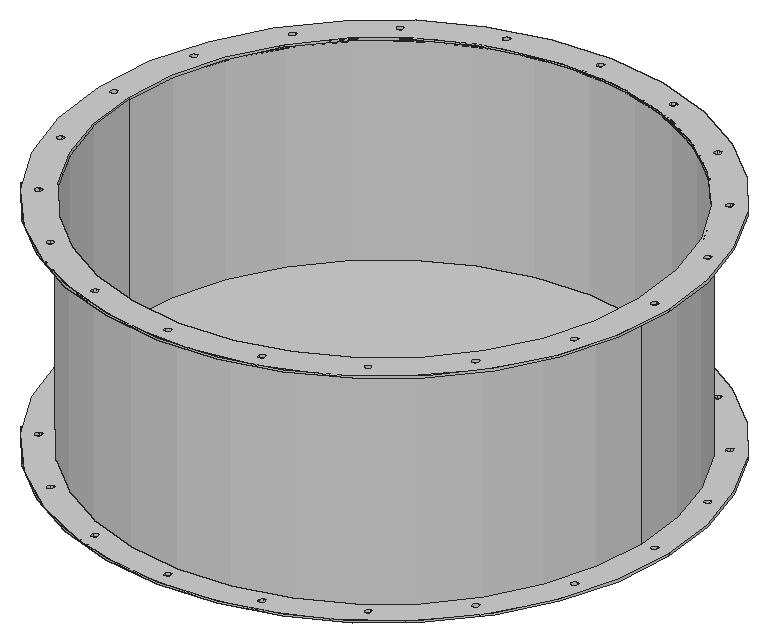
Revit family "КОМ-ВО", category Арматура воздуховодов, Revit 2021
Family settings
  Размер круглого соединителя = Использовать диаметр
  Тип детали = Присоединяется
  На основе рабочей плоскости = Нет
  Всегда вертикально = Да
  При загрузке вырезать с полостями = Нет
  Общий = Нет
Parameters (values of type "КОМ-ВО-1250")
  Отметка по умолчанию = 0 mm
  Вес = "67.4 кг"
  t = L - 5 mm  # 535 mm
  n = 20
  l = L / 2  # 270 mm
  d = 15 mm
  R1 = D1 / 2  # 660 mm
  Maintenance zone material = none
  Load Classification = "HVAC"
  L = 540 mm
  Grid Material = Cover Grid Cross
  Dy = 1250 mm
  Dn = Dy + 10 mm  # 1260 mm
  D2 = 1390 mm
  D1 = 1320 mm
  Casing Material = Условный материал-отделка
  09_System_Name [instance] = ""
  00_20_Type = "КОМ-ВО-1250"
  00_20_Name = "Зворотній клапан"
  00_20_Manufacturer = "Вентс"  # constant formula
Types (12, lengths in mm): name | Вес | t | n | l | d | R1 | L | Dy | Dn | D2 | D1 | 00_20_Type
  (no name) | "67.4 кг" | 535 | 20 | 270 | 15 | 660 | 540 | 1250 | 1260 | 1390 | 1320 | "КОМ-ВО-1250"
  КОМ-ВО-400 | "5.4 кг" | 245 | 12 | 125 | 8 | 225 | 250 | 400 | 410 | 490 | 450 | "КОМ-ВО-400"
  КОМ-ВО-450 | "6.2 кг" | 245 | 12 | 125 | 8 | 250 | 250 | 450 | 460 | 540 | 500 | "КОМ-ВО-450"
  КОМ-ВО-500 | "7.1 кг" | 245 | 12 | 125 | 12 | 280 | 250 | 500 | 510 | 590 | 560 | "КОМ-ВО-500"
  КОМ-ВО-560 | "9.6 кг" | 315 | 12 | 160 | 12 | 310 | 320 | 560 | 570 | 650 | 620 | "КОМ-ВО-560"
  КОМ-ВО-630 | "14.2 кг" | 365 | 12 | 185 | 12 | 345 | 370 | 630 | 640 | 720 | 690 | "КОМ-ВО-630"
  КОМ-ВО-710 | "21.4 кг" | 385 | 16 | 195 | 12 | 385 | 390 | 710 | 720 | 810 | 770 | "КОМ-ВО-710"
  КОМ-ВО-800 | "25.4 кг" | 385 | 16 | 195 | 12 | 430 | 390 | 800 | 810 | 900 | 860 | "КОМ-ВО-800"
  КОМ-ВО-900 | "32.6 кг" | 445 | 16 | 225 | 15 | 485 | 450 | 900 | 910 | 1010 | 970 | "КОМ-ВО-900"
  КОМ-ВО-1000 | "36.9 кг" | 445 | 16 | 225 | 15 | 535 | 450 | 1000 | 1010 | 1110 | 1070 | "КОМ-ВО-1000"
  КОМ-ВО-1120 | "59.5 кг" | 535 | 20 | 270 | 15 | 595 | 540 | 1120 | 1130 | 1260 | 1190 | "КОМ-ВО-1120"
  КОМ-ВО-1250 | "67.4 кг" | 535 | 20 | 270 | 15 | 660 | 540 | 1250 | 1260 | 1390 | 1320 | "КОМ-ВО-1250"
Reference planes
  plane 1 "По центру (Вперед/Назад)": y = 0
  plane 2: z = 0
  plane 3 "По центру (Влево/Вправо)": x = 0
  plane 4: z = 540
  plane 5: z = 50
Forms (mm)
  Extrusion 1, solid, material "Условный материал-отделка" <- "Casing Material"
    sketch origin (0, 0, 0) x (1, 0, 0) y (0, 1, 0)
      loop
        circle (0, 0) r 625
      loop
        circle (0, 0) r 695
    from 0 to 5
  Extrusion 2, void
    sketch origin (0, 438.787, 0) x (1, 0, 0) y (0, 1, 0)
      loop
        circle (0, 221.213) r 7.5
    from 0 to 5
  Extrusion 3, void
    sketch origin (135.593, 417.312, 0) x (0.951057, -0.309017, 0) y (0.309017, 0.951057, 0)
      loop
        circle (0, 221.213) r 7.5
    from 0 to 5
  Extrusion 4, void
    sketch origin (-135.593, 417.312, 0) x (0.951057, 0.309017, 0) y (-0.309017, 0.951057, 0)
      loop
        circle (0, 221.213) r 7.5
    from 0 to 5
  Extrusion 5, void
    sketch origin (-257.913, 354.986, 0) x (0.809017, 0.587785, 0) y (-0.587785, 0.809017, 0)
      loop
        circle (0, 221.213) r 7.5
    from 0 to 5
  Extrusion 6, void
    sketch origin (-354.986, 257.913, 0) x (0.587785, 0.809017, 0) y (-0.809017, 0.587785, 0)
      loop
        circle (0, 221.213) r 7.5
    from 0 to 5
  Extrusion 7, void
    sketch origin (-417.312, 135.593, 0) x (0.309017, 0.951057, 0) y (-0.951057, 0.309017, 0)
      loop
        circle (0, 221.213) r 7.5
    from 0 to 5
  Extrusion 8, void
    sketch origin (-438.787, 0, 0) x (0, 1, 0) y (-1, 0, 0)
      loop
        circle (0, 221.213) r 7.5
    from 0 to 5
  Extrusion 9, void
    sketch origin (-417.312, -135.593, 0) x (-0.309017, 0.951057, 0) y (-0.951057, -0.309017, 0)
      loop
        circle (0, 221.213) r 7.5
    from 0 to 5
  Extrusion 10, void
    sketch origin (-354.986, -257.913, 0) x (-0.587785, 0.809017, 0) y (-0.809017, -0.587785, 0)
      loop
        circle (0, 221.213) r 7.5
    from 0 to 5
  Extrusion 11, void
    sketch origin (-257.913, -354.986, 0) x (-0.809017, 0.587785, 0) y (-0.587785, -0.809017, 0)
      loop
        circle (0, 221.213) r 7.5
    from 0 to 5
  Extrusion 12, void
    sketch origin (-135.593, -417.312, 0) x (-0.951057, 0.309017, 0) y (-0.309017, -0.951057, 0)
      loop
        circle (0, 221.213) r 7.5
    from 0 to 5
  Extrusion 13, void
    sketch origin (0, -438.787, 0) x (-1, 0, 0) y (0, -1, 0)
      loop
        circle (0, 221.213) r 7.5
    from 0 to 5
  Extrusion 14, solid, material "Условный материал-отделка" <- "Casing Material"
    sketch origin (0, 0, 0) x (1, 0, 0) y (0, 1, 0)
      loop
        circle (0, 0) r 625
      loop
        circle (0, 0) r 630
    from 5 to 535 <- "t"
  Extrusion 15, solid, material "Условный материал-отделка" <- "Casing Material"
    sketch origin (0, 0, 0) x (1, 0, 0) y (0, 1, 0)
      loop
        circle (0, 0) r 625
      loop
        circle (0, 0) r 695
    from 535 to 540
  Extrusion 16, void
    sketch origin (0, 438.053, 0) x (1, 0, 0) y (0, 1, 0)
      loop
        circle (0, 221.947) r 7.5
    from 535 <- "t" to 540 <- "L"
  Extrusion 17, void
    sketch origin (135.366, 416.614, 0) x (0.951057, -0.309017, 0) y (0.309017, 0.951057, 0)
      loop
        circle (0, 221.947) r 7.5
    from 535 <- "t" to 540 <- "L"
  Extrusion 18, void
    sketch origin (-135.366, 416.614, 0) x (0.951057, 0.309017, 0) y (-0.309017, 0.951057, 0)
      loop
        circle (0, 221.947) r 7.5
    from 535 <- "t" to 540 <- "L"
  Extrusion 19, void
    sketch origin (-257.481, 354.393, 0) x (0.809017, 0.587785, 0) y (-0.587785, 0.809017, 0)
      loop
        circle (0, 221.947) r 7.5
    from 535 <- "t" to 540 <- "L"
  Extrusion 20, void
    sketch origin (-354.393, 257.481, 0) x (0.587785, 0.809017, 0) y (-0.809017, 0.587785, 0)
      loop
        circle (0, 221.947) r 7.5
    from 535 <- "t" to 540 <- "L"
  Extrusion 21, void
    sketch origin (-416.614, 135.366, 0) x (0.309017, 0.951057, 0) y (-0.951057, 0.309017, 0)
      loop
        circle (0, 221.947) r 7.5
    from 535 <- "t" to 540 <- "L"
  Extrusion 22, void
    sketch origin (-438.053, 0, 0) x (0, 1, 0) y (-1, 0, 0)
      loop
        circle (0, 221.947) r 7.5
    from 535 <- "t" to 540 <- "L"
  Extrusion 23, void
    sketch origin (-416.614, -135.366, 0) x (-0.309017, 0.951057, 0) y (-0.951057, -0.309017, 0)
      loop
        circle (0, 221.947) r 7.5
    from 535 <- "t" to 540 <- "L"
  Extrusion 24, void
    sketch origin (-354.393, -257.481, 0) x (-0.587785, 0.809017, 0) y (-0.809017, -0.587785, 0)
      loop
        circle (0, 221.947) r 7.5
    from 535 <- "t" to 540 <- "L"
  Extrusion 25, void
    sketch origin (-257.481, -354.393, 0) x (-0.809017, 0.587785, 0) y (-0.587785, -0.809017, 0)
      loop
        circle (0, 221.947) r 7.5
    from 535 <- "t" to 540 <- "L"
  Extrusion 26, void
    sketch origin (-135.366, -416.614, 0) x (-0.951057, 0.309017, 0) y (-0.309017, -0.951057, 0)
      loop
        circle (0, 221.947) r 7.5
    from 535 <- "t" to 540 <- "L"
  Extrusion 27, void
    sketch origin (0, -438.053, 0) x (-1, 0, 0) y (0, -1, 0)
      loop
        circle (0, 221.947) r 7.5
    from 535 <- "t" to 540 <- "L"
  Extrusion 28, void
    sketch origin (135.593, -417.312, 0) x (-0.951057, -0.309017, 0) y (0.309017, -0.951057, 0)
      loop
        circle (0, 221.213) r 7.5
    from 0 to 5
  Extrusion 29, void
    sketch origin (257.913, -354.986, 0) x (-0.809017, -0.587785, 0) y (0.587785, -0.809017, 0)
      loop
        circle (0, 221.213) r 7.5
    from 0 to 5
  Extrusion 30, void
    sketch origin (354.986, -257.913, 0) x (-0.587785, -0.809017, 0) y (0.809017, -0.587785, 0)
      loop
        circle (0, 221.213) r 7.5
    from 0 to 5
  Extrusion 31, void
    sketch origin (417.312, -135.593, 0) x (-0.309017, -0.951057, 0) y (0.951057, -0.309017, 0)
      loop
        circle (0, 221.213) r 7.5
    from 0 to 5
  Extrusion 32, void
    sketch origin (135.366, -416.614, 0) x (-0.951057, -0.309017, 0) y (0.309017, -0.951057, 0)
      loop
        circle (0, 221.947) r 7.5
    from 535 <- "t" to 540 <- "L"
  Extrusion 33, void
    sketch origin (257.481, -354.393, 0) x (-0.809017, -0.587785, 0) y (0.587785, -0.809017, 0)
      loop
        circle (0, 221.947) r 7.5
    from 535 <- "t" to 540 <- "L"
  Extrusion 34, void
    sketch origin (354.393, -257.481, 0) x (-0.587785, -0.809017, 0) y (0.809017, -0.587785, 0)
      loop
        circle (0, 221.947) r 7.5
    from 535 <- "t" to 540 <- "L"
  Extrusion 35, void
    sketch origin (416.614, -135.366, 0) x (-0.309017, -0.951057, 0) y (0.951057, -0.309017, 0)
      loop
        circle (0, 221.947) r 7.5
    from 535 <- "t" to 540 <- "L"
  Extrusion 36, solid, material "Условный материал-отделка" <- "Casing Material"
    sketch origin (0, 0, 0) x (1, 0, 0) y (0, 1, 0)
      loop
        circle (0, 0) r 625
    from 50 to 55
  Extrusion 37, void
    sketch origin (438.787, 0, 0) x (0, -1, 0) y (1, 0, 0)
      loop
        circle (0, 221.213) r 7.5
    from 0 to 5
  Extrusion 38, void
    sketch origin (417.312, 135.593, 0) x (0.309017, -0.951057, 0) y (0.951057, 0.309017, 0)
      loop
        circle (0, 221.213) r 7.5
    from 0 to 5
  Extrusion 39, void
    sketch origin (354.986, 257.913, 0) x (0.587785, -0.809017, 0) y (0.809017, 0.587785, 0)
      loop
        circle (0, 221.213) r 7.5
    from 0 to 5
  Extrusion 40, void
    sketch origin (257.913, 354.986, 0) x (0.809017, -0.587785, 0) y (0.587785, 0.809017, 0)
      loop
        circle (0, 221.213) r 7.5
    from 0 to 5
  Extrusion 41, void
    sketch origin (438.053, 0, 0) x (0, -1, 0) y (1, 0, 0)
      loop
        circle (0, 221.947) r 7.5
    from 535 <- "t" to 540 <- "L"
  Extrusion 42, void
    sketch origin (416.614, 135.366, 0) x (0.309017, -0.951057, 0) y (0.951057, 0.309017, 0)
      loop
        circle (0, 221.947) r 7.5
    from 535 <- "t" to 540 <- "L"
  Extrusion 43, void
    sketch origin (354.393, 257.481, 0) x (0.587785, -0.809017, 0) y (0.809017, 0.587785, 0)
      loop
        circle (0, 221.947) r 7.5
    from 535 <- "t" to 540 <- "L"
  Extrusion 44, void
    sketch origin (257.481, 354.393, 0) x (0.809017, -0.587785, 0) y (0.587785, 0.809017, 0)
      loop
        circle (0, 221.947) r 7.5
    from 535 <- "t" to 540 <- "L"
Cuts and joins
  Extrusion 2, Extrusion 3, Extrusion 4, Extrusion 5, Extrusion 6, Extrusion 7, Extrusion 8, Extrusion 9, Extrusion 10, Extrusion 11, Extrusion 12, Extrusion 13, Extrusion 28, Extrusion 29, Extrusion 30, Extrusion 31, Extrusion 37, Extrusion 38, Extrusion 39, Extrusion 40 cuts Extrusion 1
  Extrusion 16, Extrusion 17, Extrusion 18, Extrusion 19, Extrusion 20, Extrusion 21, Extrusion 22, Extrusion 23, Extrusion 24, Extrusion 25, Extrusion 26, Extrusion 27, Extrusion 32, Extrusion 33, Extrusion 34, Extrusion 35, Extrusion 41, Extrusion 42, Extrusion 43, Extrusion 44 cuts Extrusion 15
Dimensions and locks
  "L": level to plane 4
  locked: Extrusion 1 to Extrusion 1 at 5
  locked: Extrusion 15 to Extrusion 15 at 5
  locked: plane 5 to level at 50
  locked: Extrusion 36 to plane 5 at 5
  "Dy": diameter of Extrusion 1 sketch curve
  "D2": diameter of Extrusion 1 sketch curve
  "d": diameter of Extrusion 2 sketch curve
  "d": diameter of Extrusion 3 sketch curve
  "d": diameter of Extrusion 4 sketch curve
  "d": diameter of Extrusion 5 sketch curve
  "d": diameter of Extrusion 6 sketch curve
  "d": diameter of Extrusion 7 sketch curve
  "d": diameter of Extrusion 8 sketch curve
  "d": diameter of Extrusion 9 sketch curve
  "d": diameter of Extrusion 10 sketch curve
  "d": diameter of Extrusion 11 sketch curve
  "d": diameter of Extrusion 12 sketch curve
  "d": diameter of Extrusion 13 sketch curve
  "R1": radius of radial array  (x2)
  "Dn": diameter of Extrusion 14 sketch curve
  "Dy": diameter of Extrusion 14 sketch curve
  "Dy": diameter of Extrusion 15 sketch curve
  "D2": diameter of Extrusion 15 sketch curve
  "d": diameter of Extrusion 16 sketch curve
  "d": diameter of Extrusion 17 sketch curve
  "d": diameter of Extrusion 18 sketch curve
  "d": diameter of Extrusion 19 sketch curve
  "d": diameter of Extrusion 20 sketch curve
  "d": diameter of Extrusion 21 sketch curve
  "d": diameter of Extrusion 22 sketch curve
  "d": diameter of Extrusion 23 sketch curve
  "d": diameter of Extrusion 24 sketch curve
  "d": diameter of Extrusion 25 sketch curve
  "d": diameter of Extrusion 26 sketch curve
  "d": diameter of Extrusion 27 sketch curve
  "d": diameter of Extrusion 28 sketch curve
  "d": diameter of Extrusion 29 sketch curve
  "d": diameter of Extrusion 30 sketch curve
  "d": diameter of Extrusion 31 sketch curve
  "d": diameter of Extrusion 32 sketch curve
  "d": diameter of Extrusion 33 sketch curve
  "d": diameter of Extrusion 34 sketch curve
  "d": diameter of Extrusion 35 sketch curve
  "Dy": diameter of Extrusion 36 sketch curve
  "d": diameter of Extrusion 37 sketch curve
  "d": diameter of Extrusion 38 sketch curve
  "d": diameter of Extrusion 39 sketch curve
  "d": diameter of Extrusion 40 sketch curve
  "d": diameter of Extrusion 41 sketch curve
  "d": diameter of Extrusion 42 sketch curve
  "d": diameter of Extrusion 43 sketch curve
  "d": diameter of Extrusion 44 sketch curve
  aligned and locked: level to plane 2
  aligned and locked: Extrusion 14 to cut or joined group 1 (Extrusion 1, Extrusion 2, Extrusion 3, Extrusion 4, Extrusion 5, Extrusion 6, Extrusion 7, Extrusion 8, Extrusion 9, Extrusion 10, Extrusion 11, Extrusion 12, Extrusion 13, Extrusion 28, Extrusion 29, Extrusion 30, Extrusion 31, Extrusion 37, Extrusion 38, Extrusion 39, Extrusion 40)
  aligned and locked: Extrusion 15 to plane 4
Automatic sketch dimensions
  Extrusion 1 sketch curve to Extrusion 1 sketch curve = 0 mm  (x2)
  plane 1 "По центру (Вперед/Назад)" to Extrusion 1 sketch curve = 0 mm
  Extrusion 1 sketch curve to plane 3 "По центру (Влево/Вправо)" = 0 mm
  Extrusion 14 sketch curve to Extrusion 14 sketch curve = 0 mm  (x2)
  plane 1 "По центру (Вперед/Назад)" to Extrusion 14 sketch curve = 0 mm
  Extrusion 14 sketch curve to plane 3 "По центру (Влево/Вправо)" = 0 mm
  Extrusion 15 sketch curve to Extrusion 15 sketch curve = 0 mm  (x2)
  plane 1 "По центру (Вперед/Назад)" to Extrusion 15 sketch curve = 0 mm
  Extrusion 15 sketch curve to plane 3 "По центру (Влево/Вправо)" = 0 mm
  plane 1 "По центру (Вперед/Назад)" to Extrusion 36 sketch curve = 0 mm
  Extrusion 36 sketch curve to plane 3 "По центру (Влево/Вправо)" = 0 mm
Connectors
  hvac at (0, 0, 540), driven by "Dy"
    settings: on cut or joined group of Extrusion 15, Extrusion 16, Extrusion 17, Extrusion 18, Extrusion 19, Extrusion 20, Extrusion 21, Extrusion 22, Extrusion 23, Extrusion 24, Extrusion 25, Extrusion 26, Extrusion 27, Extrusion 32, Extrusion 33, Extrusion 34, Extrusion 35, Extrusion 41, Extrusion 42, Extrusion 43, Extrusion 44, index 1, duct flow 0.0 L/s, flow factor 0, pres drop 0.0 Pa, loss coef 0, conn angle 0.00°, conn width 304.8 mm, conn height 304.8 mm, conn diameter 1250 mm, duct sys type 3, conn prof type 0, flow config 0, flow direction 0, loss method 0, conn ref index -1, conn util no, is conn primary yes, conn desc ""
  hvac at (0, 0, 0), driven by "Dy"
    settings: on cut or joined group 1, index 2, duct flow 0.0 L/s, flow factor 0, pres drop 0.0 Pa, loss coef 0, conn angle 0.00°, conn width 304.8 mm, conn height 304.8 mm, conn diameter 1250 mm, duct sys type 3, conn prof type 0, flow config 0, flow direction 0, loss method 0, conn ref index -1, conn util no, is conn primary no, conn desc ""
